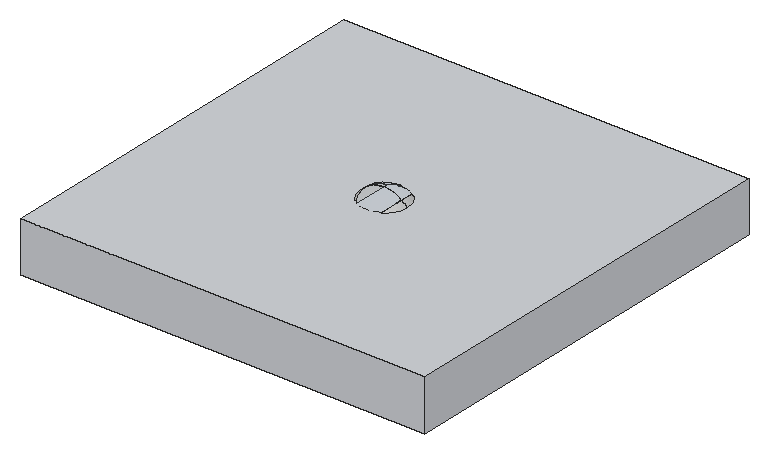
Revit family "GALAD Раунд LED", category Осветительные приборы, Revit 2018 (continued)
Types (3, lengths in mm): name | Файл фотометрической сетки | built-in parameter 1150142 | URL | IP | ADSK_Наименование краткое | ADSK_Наименование | ADSK_Марка | ADSK_Код изделия
     321.75 317.60 312.96 307.59 301.86 295.39 287.58 279.41 271.11 262.08 252.20 242.20 231.70 220.60 208.76 196.81 184.61 171.92 158.98 145.56 132.14 118.84 105.54 92.73 80.53 68.82 58.20 48.44 39.53 31.72 24.77 18.67 12.93 8.17 4.76 2.44 1.34 0.73 0.37 0.24 0.12 0.00 0.00 0.00 0.00 0.00 0.00 0.00 0.00 0.00 0.00 0.00 0.00 0.00 0.00 0.12 0.12 0.12 0.00 0.12 0.24 0.24 0.73 0.85 0.37 0.12 0.00 0.00 \r\n332.61 332.12 330.29 327.97 325.29 321.87 317.72 313.09 307.59 301.49 295.03 287.83 279.65 271.11 261.96 252.20 242.32 231.70 220.60 209.01 197.17 184.73 171.92 158.86 145.68 132.38 118.96 105.91 93.10 80.65 69.18 58.32 48.56 39.78 31.72 24.65 18.67 13.30 7.69 3.78 2.07 1.34 0.85 0.49 0.24 0.12 0.00 0.00 0.00 0.00 0.00 0.00 0.00 0.00 0.00 0.00 0.00 0.00 0.00 0.00 0.12 0.12 0.12 0.00 0.12 0.12 0.24 0.61 0.73 0.37 0.12 0.00 0.00 \r\n332.61 332.00 330.29 327.97 325.29 321.99 317.84 313.09 307.59 301.49 294.66 287.46 279.78 271.11 261.84 252.57 242.68 231.82 220.84 209.37 197.42 184.85 171.92 158.86 145.68 132.38 119.08 105.91 93.10 80.77 69.18 58.32 48.56 40.02 31.85 24.77 18.67 13.06 6.83 3.54 2.56 1.59 0.85 0.49 0.24 0.12 0.00 0.00 0.00 0.00 0.00 0.00 0.00 0.00 0.00 0.00 0.00 0.00 0.00 0.00 0.12 0.12 0.12 0.00 0.12 0.12 0.24 0.49 0.61 0.37 0.12 0.00 0.00 \r\n332.61 332.00 330.29 327.97 325.41 321.99 317.72 313.09 307.72 301.98 295.03 287.46 279.78 271.60 262.33 252.93 242.68 231.95 220.97 209.37 197.29 185.09 172.16 159.35 146.05 132.51 119.33 106.27 93.46 80.89 69.30 58.69 48.81 39.90 31.85 24.77 18.67 13.06 7.56 4.15 2.68 1.71 0.98 0.49 0.24 0.12 0.00 0.00 0.00 0.00 0.00 0.00 0.00 0.00 0.00 0.00 0.00 0.00 0.00 0.00 0.12 0.12 0.12 0.12 0.12 0.12 0.24 0.37 0.49 0.24 0.12 0.00 0.00 \r\n332.61 331.88 330.29 327.97 325.41 321.99 317.84 313.09 307.84 301.98 295.15 287.83 280.14 271.72 262.57 253.30 242.81 232.07 221.33 209.50 197.29 185.22 172.40 159.47 146.17 132.87 119.57 106.27 93.46 81.14 69.43 58.81 48.93 39.90 31.85 24.89 18.79 12.93 7.56 4.39 2.81 1.71 0.98 0.49 0.24 0.12 0.00 0.00 0.00 0.00 0.00 0.00 0.00 0.00 0.00 0.00 0.00 0.00 0.00 0.00 0.12 0.12 0.12 0.12 0.12 0.12 0.24 0.24 0.37 0.24 0.12 0.00 0.00 \r\n332.61 331.75 330.17 327.97 325.53 322.24 317.97 313.21 308.08 301.98 295.15 288.19 280.51 271.60 262.33 252.93 242.93 232.43 221.45 209.50 197.66 185.58 172.89 159.71 146.42 133.12 119.69 106.40 93.58 81.38 69.67 58.81 48.93 40.14 32.33 25.13 18.91 12.93 7.56 4.03 2.32 1.46 0.85 0.49 0.24 0.12 0.00 0.00 0.00 0.00 0.00 0.00 0.00 0.00 0.00 0.00 0.00 0.00 0.00 0.00 0.12 0.12 0.12 0.12 0.12 0.12 0.24 0.24 0.24 0.24 0.12 0.00 0.00 \r\n332.61 331.63 330.17 328.09 325.53 322.24 318.09 313.33 308.20 302.35 295.39 288.07 280.39 271.72 262.69 253.05 243.17 232.56 221.45 209.98 197.90 185.70 172.89 159.84 146.54 133.24 119.82 106.52 93.71 81.38 69.67 58.81 49.05 40.14 32.21 25.13 19.03 13.67 8.54 4.39 2.32 1.34 0.85 0.49 0.24 0.12 0.00 0.00 0.00 0.00 0.00 0.00 0.00 0.00 0.00 0.00 0.00 0.00 0.00 0.00 0.12 0.12 0.12 0.12 0.12 0.12 0.24 0.24 0.24 0.12 0.12 0.00 0.00 \r\n332.61 331.51 330.04 328.09 325.41 322.24 318.21 313.57 308.57 302.35 295.64 288.44 280.63 272.09 263.18 253.42 243.29 232.68 221.82 210.35 198.03 185.70 173.14 160.20 146.78 133.36 120.06 106.76 93.95 81.75 70.04 59.18 49.29 40.26 32.21 25.13 19.03 13.67 8.91 5.25 2.93 1.59 0.73 0.37 0.24 0.12 0.00 0.00 0.00 0.00 0.00 0.00 0.00 0.00 0.00 0.00 0.00 0.00 0.00 0.00 0.12 0.12 0.24 0.12 0.12 0.12 0.12 0.24 0.24 0.12 0.12 0.00 0.00 \r\n332.61 331.39 330.04 328.09 325.53 322.24 318.33 313.70 308.45 302.47 295.52 288.32 280.39 272.21 263.18 253.42 243.54 233.04 221.82 210.35 198.39 185.95 173.26 160.32 146.78 133.48 120.43 107.25 94.07 81.75 70.04 59.18 49.17 40.26 32.09 25.01 19.03 13.91 9.64 5.98 3.29 1.59 0.85 0.37 0.24 0.12 0.00 0.00 0.00 0.00 0.00 0.00 0.00 0.00 0.00 0.00 0.00 0.00 0.00 0.00 0.12 0.12 0.24 0.12 0.12 0.12 0.12 0.24 0.24 0.12 0.00 0.00 0.00 \r\n332.61 331.39 329.92 328.09 325.65 322.24 318.45 313.70 308.33 302.47 295.64 288.44 280.87 272.45 263.43 253.79 243.78 233.41 222.06 210.47 198.64 186.19 173.38 160.57 147.39 133.85 120.43 107.13 94.44 81.99 70.28 59.30 49.29 40.26 32.21 25.13 19.03 14.03 9.76 6.22 3.66 1.95 0.98 0.49 0.12 0.00 0.00 0.00 0.00 0.00 0.00 0.00 0.00 0.00 0.00 0.00 0.00 0.00 0.00 0.00 0.12 0.12 0.24 0.12 0.12 0.12 0.12 0.24 0.24 0.12 0.00 0.00 0.00 \r\n332.61 331.27 329.92 328.09 325.77 322.36 318.45 313.82 308.33 302.35 295.76 288.44 280.87 272.58 263.67 254.15 244.03 233.29 222.43 210.84 198.76 186.56 173.99 160.94 147.64 133.97 120.55 107.37 94.44 81.99 70.28 59.30 49.29 40.26 32.21 25.13 19.03 14.03 9.76 6.47 3.90 2.07 0.98 0.49 0.24 0.12 0.00 0.00 0.00 0.00 0.00 0.00 0.00 0.00 0.00 0.00 0.00 0.00 0.00 0.00 0.12 0.12 0.24 0.12 0.12 0.12 0.12 0.24 0.12 0.12 0.00 0.00 0.00 \r\n332.61 331.14 329.80 328.21 325.77 322.48 318.45 313.82 308.33 302.35 296.13 289.05 281.24 272.70 263.91 254.40 244.27 233.41 222.43 211.20 199.00 186.80 174.11 160.94 147.88 134.58 121.04 107.74 94.68 82.24 70.52 59.42 49.42 40.39 32.21 25.13 19.03 13.91 9.76 6.47 4.03 2.20 1.10 0.61 0.24 0.12 0.00 0.00 0.00 0.12 0.00 0.00 0.00 0.00 0.00 0.00 0.00 0.00 0.00 0.00 0.12 0.12 0.24 0.12 0.12 0.12 0.12 0.24 0.12 0.12 0.00 0.00 0.00 \r\n332.61 331.14 329.80 328.09 325.65 322.48 318.58 313.94 308.81 302.59 296.37 289.29 281.12 272.58 264.04 254.52 244.51 233.65 222.80 211.57 199.37 187.05 174.23 161.06 147.88 134.70 121.16 107.86 94.93 82.36 70.52 59.54 49.42 40.39 32.33 25.13 19.16 14.03 9.88 6.59 4.15 2.32 1.22 0.61 0.24 0.12 0.00 0.00 0.00 0.12 0.00 0.00 0.00 0.00 0.00 0.00 0.00 0.00 0.00 0.00 0.12 0.24 0.24 0.12 0.12 0.12 0.12 0.12 0.12 0.12 0.00 0.00 0.00 \r\n332.61 331.02 329.68 328.09 325.65 322.60 318.58 314.18 309.30 303.20 296.61 289.05 281.12 273.06 264.04 254.40 244.51 233.90 223.04 211.69 199.49 187.29 174.48 161.55 148.25 134.82 121.40 108.10 95.17 82.72 70.89 59.79 49.54 40.39 32.33 25.13 19.03 13.91 9.76 6.59 4.15 2.44 1.34 0.61 0.24 0.12 0.00 0.00 0.00 0.12 0.12 0.12 0.00 0.00 0.00 0.00 0.00 0.00 0.00 0.12 0.12 0.24 0.24 0.24 0.12 0.12 0.12 0.12 0.12 0.12 0.00 0.00 0.00 \r\n332.61 331.02 329.68 328.09 325.77 322.60 318.70 314.31 309.30 303.32 296.74 289.29 281.61 273.31 264.28 254.76 244.76 234.26 223.28 211.94 199.86 187.53 174.84 161.91 148.61 135.07 121.65 108.35 95.29 82.72 70.89 59.79 49.66 40.39 32.33 25.26 19.16 14.03 9.88 6.59 4.15 2.44 1.34 0.61 0.24 0.12 0.00 0.00 0.00 0.12 0.12 0.12 0.00 0.00 0.00 0.00 0.00 0.00 0.00 0.12 0.12 0.24 0.24 0.24 0.12 0.12 0.12 0.12 0.12 0.12 0.00 0.00 0.00 \r\n332.61 330.90 329.68 328.09 325.77 322.60 318.70 314.31 309.18 303.20 296.74 289.54 281.85 273.55 264.65 255.25 245.12 234.39 223.53 212.06 200.10 187.78 175.09 162.03 148.73 135.43 122.01 108.71 95.54 82.85 71.01 59.91 49.66 40.51 32.46 25.26 19.16 13.91 9.76 6.47 4.03 2.44 1.34 0.61 0.37 0.12 0.00 0.00 0.00 0.12 0.12 0.12 0.12 0.00 0.00 0.00 0.00 0.00 0.00 0.12 0.12 0.12 0.12 0.12 0.12 0.12 0.12 0.12 0.12 0.12 0.12 0.00 0.00 \r\n332.61 330.78 329.68 328.21 325.90 322.72 318.82 314.43 309.18 303.20 296.74 289.78 281.97 273.67 264.77 255.37 245.37 234.63 223.53 212.30 200.47 188.02 175.33 162.28 149.10 135.56 122.13 108.84 95.66 83.09 71.13 60.03 49.78 40.63 32.46 25.26 19.16 14.03 9.76 6.47 4.03 2.44 1.34 0.73 0.37 0.12 0.00 0.00 0.00 0.12 0.12 0.12 0.12 0.12 0.00 0.00 0.00 0.00 0.00 0.12 0.12 0.12 0.12 0.12 0.12 0.12 0.12 0.12 0.12 0.12 0.12 0.00 0.00 \r\n332.61 330.66 329.56 328.34 325.90 322.85 319.06 314.67 309.30 303.45 296.98 289.90 282.34 273.92 265.01 255.50 245.49 235.00 224.02 212.55 200.71 188.39 175.58 162.64 149.47 135.80 122.38 109.20 96.02 83.46 71.50 60.15 49.90 40.63 32.46 25.26 19.03 13.91 9.76 6.47 4.03 2.32 1.34 0.61 0.37 0.12 0.00 0.00 0.00 0.12 0.12 0.12 0.12 0.12 0.00 0.00 0.00 0.00 0.00 0.12 0.12 0.12 0.12 0.12 0.12 0.12 0.12 0.12 0.12 0.12 0.12 0.00 0.00 \r\n332.61 330.53 329.56 328.34 326.02 322.97 319.19 314.67 309.42 303.69 297.10 290.15 282.46 274.16 265.26 255.86 245.73 235.24 224.38 213.03 201.08 188.75 175.82 162.77 149.59 136.17 122.75 109.32 96.27 83.58 71.50 60.27 50.03 40.75 32.46 25.26 19.16 13.91 9.76 6.47 4.03 2.32 1.34 0.61 0.37 0.12 0.00 0.00 0.00 0.12 0.12 0.12 0.12 0.12 0.00 0.00 0.00 0.00 0.00 0.12 0.12 0.12 0.12 0.12 0.12 0.12 0.12 0.12 0.12 0.12 0.12 0.00 0.00 \r\n332.61 330.41 329.43 328.34 326.14 323.09 319.19 314.67 309.55 303.81 297.22 290.15 282.46 274.29 265.50 255.86 246.10 235.61 224.63 213.28 201.44 189.00 176.19 163.25 150.08 136.53 122.99 109.57 96.39 83.70 71.74 60.52 50.15 40.87 32.58 25.26 19.03 13.91 9.64 6.34 4.03 2.32 1.22 0.61 0.24 0.12 0.00 0.00 0.00 0.12 0.12 0.12 0.12 0.12 0.00 0.00 0.00 0.00 0.12 0.12 0.12 0.12 0.12 0.12 0.12 0.12 0.12 0.12 0.12 0.12 0.12 0.00 0.00 \r\n332.61 330.29 329.43 328.34 326.14 323.21 319.31 314.79 309.79 303.93 297.47 290.39 282.70 274.53 265.62 256.23 246.34 235.85 224.99 213.52 201.57 189.24 176.55 163.38 150.08 136.78 123.23 109.69 96.51 83.82 71.74 60.52 50.15 40.87 32.58 25.26 19.03 13.91 9.64 6.34 3.90 2.32 1.22 0.61 0.24 0.12 0.00 0.00 0.00 0.12 0.12 0.12 0.12 0.12 0.00 0.00 0.00 0.12 0.12 0.12 0.12 0.12 0.12 0.12 0.12 0.12 0.12 0.12 0.12 0.12 0.12 0.00 0.00 \r\n332.61 330.17 329.31 328.21 326.14 323.21 319.43 314.92 310.16 304.18 297.71 290.88 283.19 274.77 265.87 256.59 246.59 236.10 225.36 213.89 202.05 189.73 176.92 163.86 150.44 137.02 123.60 110.06 96.88 84.07 71.99 60.76 50.39 41.00 32.58 25.26 19.03 13.79 9.64 6.34 3.90 2.32 1.22 0.61 0.24 0.12 0.00 0.00 0.00 0.12 0.12 0.12 0.12 0.12 0.00 0.00 0.00 0.12 0.12 0.12 0.12 0.12 0.12 0.12 0.12 0.12 0.12 0.12 0.12 0.12 0.12 0.00 0.00 \r\n332.61 330.04 329.19 328.09 326.14 323.33 319.55 315.16 310.28 304.42 298.08 291.24 283.56 275.14 266.23 256.96 247.08 236.58 225.72 214.50 202.42 190.10 177.53 164.35 151.05 137.63 123.97 110.42 97.12 84.31 72.23 61.01 50.64 41.12 32.70 25.38 19.03 13.91 9.64 6.34 3.90 2.32 1.22 0.61 0.24 0.12 0.00 0.00 0.00 0.12 0.12 0.12 0.12 0.12 0.00 0.00 0.12 0.12 0.12 0.12 0.12 0.12 0.24 0.12 0.12 0.12 0.12 0.12 0.12 0.12 0.12 0.00 0.00 \r\n332.61 329.92 328.95 328.09 326.14 323.33 319.55 315.40 310.40 304.54 298.32 291.37 283.68 275.38 266.60 257.33 247.44 237.07 225.97 214.62 202.79 190.34 177.77 164.84 151.42 137.87 124.33 110.67 97.37 84.55 72.48 61.13 50.64 41.12 32.70 25.26 19.03 13.79 9.52 6.22 3.90 2.20 1.22 0.61 0.24 0.12 0.00 0.00 0.00 0.12 0.12 0.12 0.12 0.12 0.12 0.00 0.12 0.12 0.12 0.12 0.12 0.24 0.37 0.37 0.12 0.12 0.12 0.12 0.12 0.12 0.12 0.00 0.00 \r\n332.61 329.92 328.82 328.21 326.26 323.33 319.67 315.40 310.40 304.67 298.20 291.24 283.68 275.51 266.84 257.69 247.81 237.07 226.09 214.86 202.79 190.46 177.77 164.84 151.54 138.00 124.33 110.91 97.49 84.68 72.48 61.01 50.51 41.12 32.70 25.26 18.91 13.79 9.52 6.22 3.78 2.20 1.22 0.61 0.24 0.12 0.00 0.00 0.00 0.12 0.12 0.12 0.12 0.12 0.12 0.12 0.24 0.24 0.12 0.12 0.12 0.24 0.73 0.61 0.24 0.12 0.12 0.12 0.12 0.12 0.12 0.00 0.00 \r\n332.61 329.80 328.58 328.21 326.38 323.46 319.80 315.40 310.40 304.67 298.08 291.24 283.80 275.63 266.84 257.57 247.56 237.19 226.33 215.11 203.15 190.71 178.02 164.96 151.66 138.24 124.58 111.15 97.73 84.92 72.60 61.13 50.64 41.12 32.70 25.26 18.91 13.79 9.52 6.22 3.78 2.20 1.10 0.61 0.24 0.12 0.12 0.00 0.00 0.12 0.12 0.12 0.12 0.12 0.12 0.12 0.49 0.37 0.24 0.12 0.12 0.37 0.85 0.73 0.37 0.12 0.00 0.12 0.12 0.12 0.12 0.00 0.00 \r\n332.61 329.80 328.34 327.97 326.51 323.46 319.92 315.65 310.52 304.79 298.20 291.37 283.92 275.75 266.96 257.57 247.81 237.32 226.58 215.23 203.40 191.19 178.63 165.45 152.03 138.48 124.94 111.40 97.98 84.92 72.60 61.25 50.76 41.24 32.70 25.38 19.03 13.67 9.39 6.10 3.78 2.07 1.10 0.61 0.24 0.12 0.12 0.00 0.00 0.12 0.12 0.12 0.12 0.12 0.12 0.24 0.61 0.49 0.24 0.12 0.12 0.37 0.85 0.73 0.37 0.12 0.00 0.00 0.12 0.12 0.12 0.00 0.00 \r\n332.61 329.80 328.09 327.73 326.51 323.46 319.92 315.65 310.52 305.03 298.44 291.49 284.17 275.87 267.09 257.94 248.05 237.56 226.58 215.35 203.64 191.44 178.75 165.57 152.15 138.61 125.06 111.40 98.10 85.17 72.84 61.49 50.88 41.24 32.70 25.26 18.91 13.67 9.39 6.10 3.78 2.07 1.10 0.61 0.24 0.12 0.12 0.00 0.00 0.00 0.12 0.12 0.12 0.12 0.12 0.12 0.37 0.37 0.24 0.12 0.12 0.24 0.61 0.49 0.24 0.12 0.00 0.00 0.12 0.12 0.12 0.00 0.00 \r\n332.61 329.80 327.85 327.36 326.26 323.58 319.92 315.53 310.52 305.03 298.69 291.61 284.17 276.12 267.33 258.18 248.17 237.68 227.07 215.84 204.01 191.80 179.11 166.06 152.52 138.97 125.43 111.76 98.34 85.29 72.96 61.49 51.00 41.36 32.70 25.26 18.91 13.67 9.39 6.10 3.66 2.07 1.10 0.49 0.24 0.12 0.12 0.00 0.00 0.00 0.12 0.12 0.12 0.12 0.12 0.12 0.24 0.24 0.12 0.12 0.12 0.24 0.37 0.37 0.24 0.12 0.00 0.00 0.12 0.12 0.12 0.00 0.00 \r\n332.61 329.80 327.73 326.99 325.90 323.46 319.92 315.77 310.77 304.91 298.81 292.10 284.41 276.36 267.57 258.30 248.54 238.17 227.31 215.96 204.01 191.56 179.11 166.06 152.64 139.22 125.67 112.13 98.59 85.53 73.21 61.62 51.00 41.36 32.82 25.38 18.91 13.67 9.39 6.10 3.66 2.07 1.10 0.49 0.24 0.12 0.12 0.00 0.00 0.00 0.12 0.12 0.12 0.12 0.12 0.12 0.12 0.12 0.12 0.12 0.12 0.12 0.24 0.24 0.12 0.12 0.00 0.00 0.00 0.12 0.12 0.00 0.00 \r\n332.61 329.80 327.60 326.63 325.53 323.33 319.92 315.89 310.89 305.03 298.93 292.22 284.41 276.48 267.70 258.55 248.91 238.54 227.43 216.21 204.37 192.05 179.48 166.30 152.88 139.46 125.92 112.25 98.71 85.65 73.33 61.74 51.00 41.36 32.82 25.26 18.91 13.54 9.27 5.98 3.66 2.07 1.10 0.49 0.24 0.12 0.12 0.00 0.00 0.00 0.12 0.12 0.12 0.12 0.12 0.12 0.12 0.12 0.12 0.12 0.12 0.12 0.12 0.12 0.12 0.12 0.00 0.00 0.00 0.12 0.00 0.00 0.00 \r\n332.61 329.80 327.60 326.26 325.04 322.97 319.80 316.01 311.38 305.28 298.81 292.10 284.53 276.60 268.06 258.67 248.91 238.41 227.68 216.57 204.62 192.17 179.48 166.43 153.25 139.70 125.92 112.37 98.95 85.78 73.33 61.86 51.12 41.48 32.82 25.38 18.91 13.67 9.39 6.10 3.66 2.07 1.10 0.49 0.24 0.12 0.12 0.00 0.00 0.00 0.12 0.12 0.12 0.12 0.12 0.12 0.12 0.12 0.12 0.12 0.12 0.12 0.12 0.12 0.12 0.12 0.00 0.00 0.00 0.12 0.00 0.00 0.00 \r\n332.61 329.68 327.73 326.14 324.55 322.48 319.67 316.01 311.38 305.40 298.93 292.22 284.66 276.60 268.18 258.67 248.91 238.66 228.04 216.82 204.86 192.41 179.85 166.91 153.61 140.07 126.28 112.74 99.32 86.14 73.70 62.10 51.25 41.48 32.94 25.38 18.91 13.54 9.27 5.98 3.66 1.95 1.10 0.49 0.24 0.12 0.00 0.00 0.00 0.00 0.12 0.12 0.12 0.12 0.12 0.12 0.12 0.12 0.12 0.12 0.12 0.12 0.12 0.12 0.12 0.12 0.12 0.00 0.00 0.00 0.00 0.00 0.00 \r\n332.61 329.68 327.85 326.02 324.19 321.99 319.06 315.65 310.89 305.40 299.05 292.22 284.90 276.85 268.31 258.91 249.15 238.90 227.80 216.57 204.98 192.66 180.21 167.04 153.61 140.19 126.53 112.86 99.20 86.14 73.70 61.98 51.25 41.61 32.94 25.38 18.91 13.54 9.27 5.98 3.66 1.95 1.10 0.49 0.24 0.12 0.00 0.00 0.00 0.00 0.12 0.12 0.12 0.12 0.12 0.12 0.12 0.12 0.12 0.12 0.12 0.12 0.12 0.12 0.12 0.12 0.12 0.00 0.00 0.00 0.00 0.00 0.00 \r\n332.61 329.68 327.85 326.14 323.94 321.50 318.33 314.79 310.40 305.28 299.30 292.46 284.78 276.85 268.31 259.16 249.39 239.27 228.16 216.69 205.10 193.02 180.46 167.16 153.74 140.31 126.77 113.11 99.44 86.39 73.94 62.10 51.25 41.48 32.82 25.38 18.91 13.54 9.27 5.98 3.54 1.95 1.10 0.49 0.24 0.12 0.00 0.00 0.00 0.00 0.12 0.12 0.12 0.12 0.12 0.00 0.12 0.12 0.12 0.12 0.12 0.12 0.12 0.12 0.12 0.12 0.12 0.00 0.00 0.00 0.00 0.00 0.00 \r\n332.61 329.56 327.85 326.14 323.94 321.38 317.97 313.82 309.55 304.67 298.81 291.98 284.66 276.97 268.43 259.16 249.27 239.02 228.41 217.06 205.23 192.90 180.46 167.52 154.22 140.44 126.77 113.23 99.68 86.39 73.82 62.10 51.37 41.61 32.94 25.38 18.91 13.54 9.27 5.98 3.54 1.95 0.98 0.49 0.24 0.12 0.00 0.00 0.00 0.00 0.12 0.12 0.12 0.12 0.12 0.00 0.00 0.12 0.12 0.12 0.12 0.12 0.12 0.12 0.12 0.12 0.12 0.00 0.00 0.00 0.00 0.00 0.00 \r\n332.61 329.56 327.73 326.26 324.07 321.50 317.84 313.45 309.06 303.69 297.47 291.00 283.92 276.48 268.18 258.79 249.15 238.78 228.29 217.31 205.35 192.90 180.46 167.65 154.22 140.44 126.89 113.35 99.81 86.51 73.94 62.35 51.49 41.73 33.07 25.38 19.03 13.54 9.27 5.86 3.54 1.95 0.98 0.49 0.12 0.00 0.00 0.00 0.00 0.00 0.12 0.12 0.12 0.12 0.12 0.00 0.00 0.12 0.12 0.12 0.12 0.12 0.12 0.12 0.12 0.12 0.12 0.00 0.00 0.00 0.00 0.00 0.00 \r\n332.61 329.68
